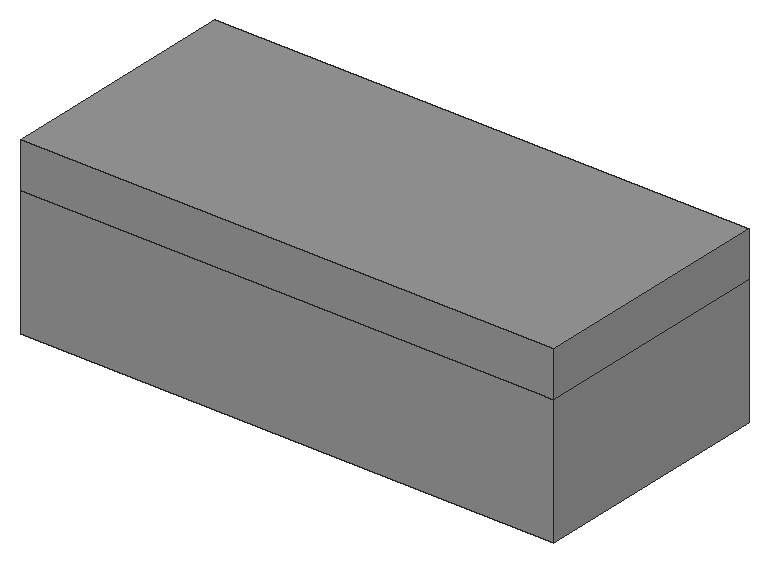
Revit family "aluminiumleergehäuse-Mx 170805SGR", category Generic Models, Revit 2017
Family settings
  Can host rebar = No
  Round Connector Dimension = Use Diameter
  Part Type = Normal
  Work Plane-Based = No
  Always vertical = Yes
  Cut with Voids When Loaded = No
  Shared = No
  Room Calculation Point = No
Parameters (values of type "Mx 170805 SGR")
  URL = "http://www.obo-bettermann.com"
  Material = Aluminiumdruckguss
  Manufacturer Art.No. = "2011324"
  Manufacturer = "OBO BETTERMANN"
  GTIN = "4012196030873"
  Article Type = "Mx 170805 SGR"
Reference planes
  plane 1 "Center (Front/Back)": y = 0
  plane 2: z = 0
  plane 3 "Center (Left/Right)": x = 0
  plane 4: z = 42
  plane 5: z = 57
Forms (mm)
  Extrusion 1, solid, material "Aluminiumdruckguss" <- "Material"
    sketch origin (0, 0, 0) x (1, 0, 0) y (0, 1, 0)
      loop
        line (0, 0) -> (175, 0) -> (175, 80) -> (0, 80) -> (0, 0)
    from 0 to 42
  Extrusion 2, solid, material "Aluminiumdruckguss" <- "Material"
    sketch origin (0, 0, 0) x (1, 0, 0) y (0, 1, 0)
      loop
        line (0, 80) -> (0, 0) -> (175, 0) -> (175, 80) -> (0, 80)
    from 42 to 57
Dimensions and locks
  locked: Extrusion 1 sketch curve to Extrusion 1 sketch curve at 80
  locked: Extrusion 1 sketch curve to Extrusion 1 sketch curve at 175
  locked: plane 4 to level at 42
  locked: Extrusion 1 to Extrusion 1 at 175
  locked: Extrusion 1 to Extrusion 1 at 80
  locked: plane 5 to plane 4 at 15
  aligned and locked: level to plane 2
  aligned and locked: Extrusion 1 to plane 3 "Center (Left/Right)"
  aligned and locked: plane 1 "Center (Front/Back)" to Extrusion 1
  aligned and locked: plane 4 to Extrusion 1
  aligned and locked: plane 1 "Center (Front/Back)" to Extrusion 2
  aligned and locked: Extrusion 2 to plane 3 "Center (Left/Right)"
  aligned and locked: Extrusion 2 to Extrusion 1  (x3)
  aligned and locked: plane 5 to Extrusion 2
